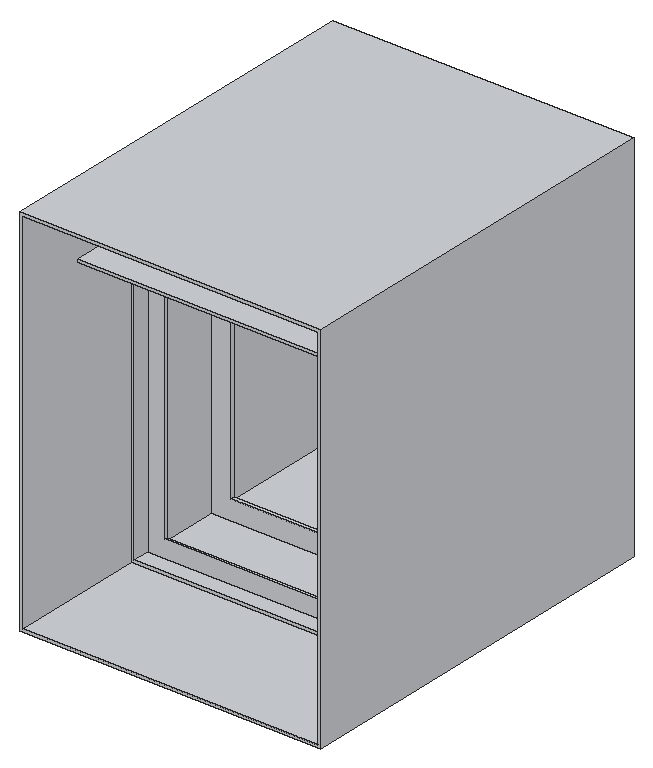
Revit family "IBDFS-BV_Default", category Duct Accessories, Revit 2017
Family settings
  Round Connector Dimension = Use Diameter
  Part Type = Damper
  Work Plane-Based = No
  Always vertical = Yes
  Cut with Voids When Loaded = No
  Shared = No
Parameters (values of type "Default")
  Width(A) [instance] = if(A < 100.000 mm, 100.000 mm, if(A > 1200.000 mm, 1200.000 mm, A))  # 300.000 mm
  Min. C = "390mm"
  Min. B = "135mm"
  Min. A = "100mm"
  Max. C = "700mm"
  Max. B = "1046mm"
  Max. A = "1200mm"
  Height(B) [instance] = if(B < 135.000 mm, 135.000 mm, if(B > 1046.000 mm, 1046.000 mm, B))  # 300.000 mm
  Finish = none
  Depth(C) [instance] = if(C < 390.000 mm, 390.000 mm, if(C > 700.000 mm, 700.000 mm, C))  # 390.000 mm
  C [instance] = 390.000 mm
  B [instance] = 300.000 mm
  A [instance] = 300.000 mm
Reference planes
  plane 1 "Center (Front/Back)": y = 0
  plane 2: z = -186.75
  plane 3 "Center (Left/Right)": x = 0
  plane 4: x = -150
  plane 5: x = 150
  plane 6: z = 186.75
  plane 7: x = -147.5
  plane 8: x = 147.5
  plane 9: z = 184.25
  plane 10: z = 114.25
  plane 11: x = 10
  plane 12: x = -10
  plane 13: z = 184.25
  plane 14: z = -184.25
  plane 15: y = 35
  plane 16: y = -35
  plane 17: y = 74.136
  plane 18: y = -69.864
  plane 19: z = 0
  plane 20: z = -166.75
  plane 21: y = 195
  plane 22: y = -195
  plane 23: y = 83
  plane 24: y = -83
  plane 25: y = -127.489
  plane 26: y = 127.489
  plane 27: z = 177.5
  plane 28: z = 113.25
  plane 29: z = 113.25
  plane 30: y = -40
  plane 31: y = 40
Forms (mm)
  Extrusion 1, solid
    sketch origin (0, -152.136, 0) x (1, 0, 0) y (0, 0, 1)
      loop
        line (-150, 112.25) -> (-150, -186.75) -> (150, -186.75) -> (150, 112.25) -> (147.5, 112.25) -> (147.5, -184.25) -> (-147.5, -184.25) -> (-147.5, 112.25) -> (-150, 112.25)
    from -347.136 to 42.864
  Extrusion 2, solid, material <- "Finish"
    sketch origin (147.5, -2.136, 112.5) x (0, 1, 0) y (0, 0, 1)
      loop
        line (42.136, 71.75) -> (-37.864, 71.75) -> (-37.864, 69.815)
        arc (-37.864, 69.815) -> (-38.984, 67.207) -> (-37.864, 64.6) r 3.595
        line (-37.864, 64.6) -> (-37.864, 54.815)
        arc (-37.864, 54.815) -> (-38.984, 52.207) -> (-37.864, 49.6) r 3.595
        line (-37.864, 49.6) -> (-37.864, 39.815)
        arc (-37.864, 39.815) -> (-38.984, 37.207) -> (-37.864, 34.6) r 3.595
        line (-37.864, 34.6) -> (-37.864, 24.815)
        arc (-37.864, 24.815) -> (-38.984, 22.207) -> (-37.864, 19.6) r 3.595
        line (-37.864, 19.6) -> (-37.864, 9.815)
        arc (-37.864, 9.815) -> (-38.984, 7.207) -> (-37.864, 4.6) r 3.595
        line (-37.864, 4.6) -> (-37.864, 1.75) -> (42.136, 1.75) -> (42.136, 7.647)
        arc (42.136, 7.647) -> (43.109, 9.212) -> (43.448, 11.023) r 5
        arc (43.448, 11.023) -> (43.109, 12.835) -> (42.136, 14.4) r 5
        line (42.136, 14.4) -> (42.136, 25.647)
        arc (42.136, 25.647) -> (43.109, 27.212) -> (43.448, 29.023) r 5
        arc (43.448, 29.023) -> (43.109, 30.835) -> (42.136, 32.4) r 5
        line (42.136, 32.4) -> (42.136, 43.647)
        arc (42.136, 43.647) -> (43.109, 45.212) -> (43.448, 47.023) r 5
        arc (43.448, 47.023) -> (43.109, 48.835) -> (42.136, 50.4) r 5
        line (42.136, 50.4) -> (42.136, 61.647)
        arc (42.136, 61.647) -> (43.109, 63.212) -> (43.448, 65.023) r 5
        arc (43.448, 65.023) -> (43.109, 66.835) -> (42.136, 68.4) r 5
        line (42.136, 68.4) -> (42.136, 71.75)
    from 0 to -295
  Sweep 3, solid
    path in 3D
      loop
        line (147.5, 195, -184.25) -> (147.5, 195, 184.25) -> (-147.5, 195, 184.25) -> (-147.5, 195, -184.25) -> (147.5, 195, -184.25)
    profile origin (0, 195, -184.25) x (0, 1, 0) y (0, 0, 1)
      loop
        line (-155, 0) -> (-135, 0) -> (-135, 3) -> (-152, 3) -> (-152, 20) -> (-155, 20) -> (-155, 0)
      loop
        line (-238, 3) -> (-255, 3) -> (-255, 0) -> (-235, 0) -> (-235, 20) -> (-238, 20) -> (-238, 3)
  Extrusion 4, solid
    sketch origin (0, 0, 0) x (0, 1, 0) y (0, 0, 1)
      loop
        line (127.489, 113.375) -> (127.489, 116.25) -> (85, 116.25) -> (85, 184.25) -> (83, 184.25) -> (83, 113.375) -> (127.489, 113.375)
      loop
        line (-127.489, 113.375) -> (-83, 113.375) -> (-83, 184.25) -> (-85, 184.25) -> (-85, 116.25) -> (-127.489, 116.25) -> (-127.489, 113.375)
    from -147.5 to 147.5
  Extrusion 5, solid
    sketch origin (0, 0, 0) x (0, 1, 0) y (0, 0, 1)
      loop
        line (-78.424, 184.25) -> (-78.424, 182.75) -> (-64.924, 182.75) -> (-64.924, 115.75) -> (-78.424, 115.75) -> (-78.424, 114.25) -> (-63.424, 114.25) -> (-63.424, 184.25) -> (-78.424, 184.25)
      loop
        line (78.673, 184.25) -> (63.673, 184.25) -> (63.673, 114.25) -> (78.673, 114.25) -> (78.673, 115.75) -> (65.173, 115.75) -> (65.173, 182.75) -> (78.673, 182.75) -> (78.673, 184.25)
    from -10 to 10
  Extrusion 6, solid
    sketch origin (0, 4.267, 553.25) x (1, 0, 0) y (0, 0, 1)
      loop
        line (2, -447) -> (2, -439) -> (-2, -439) -> (-2, -447) -> (2, -447)
    from -69.778 to 74.131
  Extrusion 7, solid
    sketch origin (0, 0, 0) x (1, 0, 0) y (0, 0, 1)
      loop
        line (147.5, 112.25) -> (150, 112.25) -> (150, 186.75) -> (-150, 186.75) -> (-150, 112.25) -> (-147.5, 112.25) -> (-147.5, 184.25) -> (147.5, 184.25) -> (147.5, 112.25)
    from -195 to 195
Cuts and joins
  joined: Extrusion 1, Extrusion 7
Lines and regions (mm)
  sketch lines
    curve 1: line (-147.5, 195, -184.25) -> (147.5, 195, -184.25)
    curve 2: line (-147.5, 195, 184.25) -> (-147.5, 195, -184.25)
    curve 3: line (147.5, 195, -184.25) -> (147.5, 195, 184.25)
    curve 4: line (147.5, 195, 184.25) -> (-147.5, 195, 184.25)
Dimensions and locks
  "Width(A)": plane 4 to plane 5
  equal spacing: plane 4, plane 3 "Center (Left/Right)", plane 5
  locked: plane 8 to plane 5 at 2.5
  locked: plane 4 to plane 7 at 2.5
  locked: plane 6 to plane 9 at 2.5
  locked: plane 10 to plane 9 at 70
  plane 12 to plane 3 "Center (Left/Right)" to plane 11 = 10.000 mm locked, 10.000 mm locked
  locked: plane 6 to plane 13 at 2.5
  locked: plane 14 to plane 2 at 2.5
  plane 15 to plane 1 "Center (Front/Back)" to plane 16 = 35.000 mm locked, 35.000 mm locked
  plane 17 to plane 1 "Center (Front/Back)" to plane 18 = 74.136 mm locked, 69.864 mm locked
  equal spacing: plane 6, plane 19, plane 2
  locked: plane 20 to plane 2 at 20
  equal spacing: plane 22, plane 1 "Center (Front/Back)", plane 21
  "Depth(C)": plane 22 to plane 21
  equal spacing: plane 23, plane 1 "Center (Front/Back)", plane 24, locked at 83 each
  equal spacing: plane 26, plane 1 "Center (Front/Back)", plane 25, locked at 127.489 each
  locked: Extrusion 2 sketch curve to Extrusion 2 sketch curve at 70
  locked: Extrusion 6 sketch curve to Extrusion 6 sketch curve at 4
  locked: Extrusion 6 to plane 28 at 1
  locked: plane 29 to plane 13 at 71
  "Height(B)": plane 29 to plane 2
  equal spacing: plane 31, plane 1 "Center (Front/Back)", plane 30
  locked: Sweep 3 sketch curve to Sweep 3 sketch curve at 3  (x4)
  locked: Sweep 3 sketch curve to Sweep 3 sketch curve at 20  (x2)
  locked: Extrusion 6 sketch curve to Extrusion 6 sketch curve at 8
  aligned and locked: Extrusion 1 sketch curve to plane 5
  aligned and locked: plane 7 to Extrusion 2
  aligned and locked: Extrusion 2 to plane 8
  aligned and locked: level to plane 19
  aligned and locked: plane 8 to Extrusion 1
  aligned and locked: Extrusion 1 to plane 21
  aligned and locked: plane 22 to Extrusion 1
  aligned and locked: Extrusion 4 to Extrusion 1  (x2)
  aligned and locked: plane 24 to Extrusion 4
  aligned and locked: Extrusion 4 to plane 23
  aligned and locked: Extrusion 4 to Extrusion 2
  aligned and locked: plane 25 to Extrusion 4 sketch curve
  aligned and locked: Extrusion 4 sketch curve to plane 26
  aligned and locked: Extrusion 5 sketch curve to Extrusion 5 sketch curve  (x2)
  aligned and locked: plane 28 to plane 29
  aligned and locked: Extrusion 7 to Extrusion 1  (x2)
  aligned and locked: Sweep 3 sketch curve to plane 31
  aligned and locked: plane 30 to Sweep 3 sketch curve
Automatic sketch dimensions
  Sweep 3 sketch curve to profile plane = 0.000 mm  (x2)
  Sweep 3 sketch curve to Sweep 3 sketch curve = 17.000 mm
  profile plane to Sweep 3 sketch curve = 20.000 mm
  Extrusion 2 sketch curve to Extrusion 2 sketch curve = 0.000 mm  (x4)
  Extrusion 2 sketch curve to plane 9 = 0.000 mm
  Extrusion 2 sketch curve to plane 16 = 5.000 mm  (x6)
  Extrusion 2 sketch curve to plane 16 = 2.525 mm  (x5)
  plane 15 to Extrusion 2 sketch curve = 1.312 mm  (x4)
  Extrusion 2 sketch curve to Extrusion 2 sketch curve = 3.688 mm  (x5)
  Extrusion 2 sketch curve to plane 10 = 2.850 mm
  Extrusion 2 sketch curve to Extrusion 2 sketch curve = 2.608 mm  (x5)
  Extrusion 2 sketch curve to plane 10 = 5.897 mm
  Extrusion 2 sketch curve to Extrusion 2 sketch curve = 3.377 mm  (x4)
  Extrusion 2 sketch curve to Extrusion 2 sketch curve = 9.785 mm  (x3)
  Extrusion 2 sketch curve to Extrusion 2 sketch curve = 11.247 mm  (x2)
  Extrusion 2 sketch curve to Extrusion 2 sketch curve = 10.103 mm
  Extrusion 2 sketch curve to Extrusion 2 sketch curve = 7.150 mm
  Extrusion 5 sketch curve to plane 13 = 0.000 mm  (x2)
  plane 24 to Extrusion 5 sketch curve = 4.576 mm  (x2)
  Extrusion 5 sketch curve to plane 13 = 1.500 mm  (x2)
  plane 18 to Extrusion 5 sketch curve = 4.940 mm
  Extrusion 5 sketch curve to Extrusion 5 sketch curve = 1.500 mm  (x3)
  Extrusion 5 sketch curve to plane 17 = 10.463 mm
  plane 17 to Extrusion 5 sketch curve = 4.537 mm  (x2)
  Extrusion 5 sketch curve to Extrusion 5 sketch curve = 67.000 mm
  Extrusion 1 sketch curve to plane 2 = 0.000 mm
  plane 4 to Extrusion 1 sketch curve = 0.000 mm
  plane 7 to Extrusion 1 sketch curve = 0.000 mm
  plane 8 to Extrusion 1 sketch curve = 0.000 mm
  Extrusion 1 sketch curve to plane 14 = 0.000 mm
  plane 28 to Extrusion 1 sketch curve = 1.000 mm  (x2)
  plane 8 to Extrusion 7 sketch curve = 0.000 mm
  plane 5 to Extrusion 7 sketch curve = 0.000 mm
  Extrusion 7 sketch curve to plane 13 = 0.000 mm
  Extrusion 7 sketch curve to plane 6 = 0.000 mm
  plane 28 to Extrusion 7 sketch curve = 1.000 mm  (x2)
  plane 4 to Extrusion 7 sketch curve = 0.000 mm
  plane 7 to Extrusion 7 sketch curve = 0.000 mm
  Extrusion 4 sketch curve to plane 13 = 0.000 mm  (x2)
  Extrusion 4 sketch curve to plane 24 = 0.000 mm
  Extrusion 4 sketch curve to plane 23 = 0.000 mm
  Extrusion 4 sketch curve to plane 24 = 2.000 mm
  plane 23 to Extrusion 4 sketch curve = 2.000 mm
  Extrusion 4 sketch curve to plane 28 = 3.000 mm  (x2)
  Extrusion 4 sketch curve to plane 28 = 0.125 mm  (x2)
  Extrusion 6 sketch curve to plane 3 "Center (Left/Right)" = 2.000 mm
  Extrusion 6 sketch curve to plane 28 = 1.000 mm
Connectors
  hvac at (0, -195, -36.625), driven by "Height(B)", driven by "Width(A)"
    settings: on Extrusion 1, index 1, duct flow 0 L/s, flow factor 0, pres drop 0.00 in-wg, loss coef 0, conn angle 0.00°, conn width 11.81102", conn height 11.81102", conn diameter 24", duct sys type 29, conn prof type 1, flow config 0, flow direction 0, loss method 0, conn ref index -1, conn util no, is conn primary yes, conn desc ""
  hvac at (0, 195, -36.625), driven by "Height(B)", driven by "Width(A)"
    settings: on Extrusion 1, index 2, duct flow 0 L/s, flow factor 0, pres drop 0.00 in-wg, loss coef 0, conn angle 0.00°, conn width 11.81102", conn height 11.81102", conn diameter 24", duct sys type 29, conn prof type 1, flow config 0, flow direction 0, loss method 0, conn ref index -1, conn util no, is conn primary no, conn desc ""
